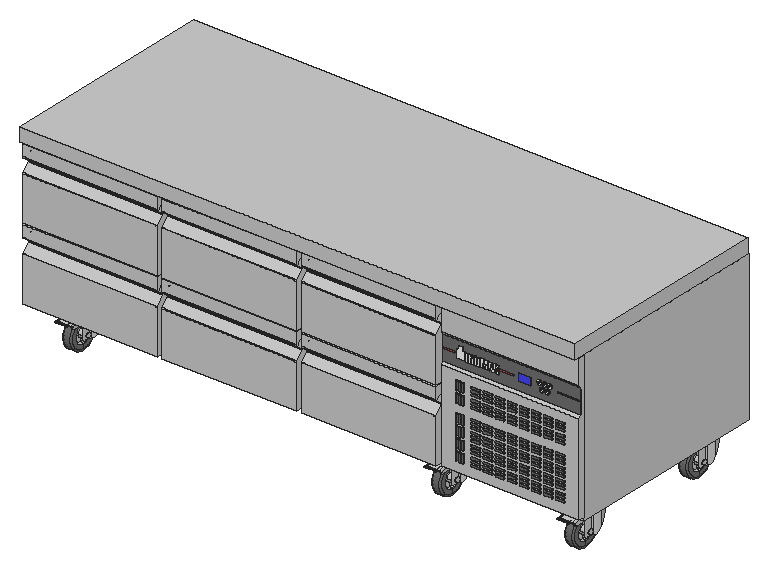
Revit family "QF_INOMAK_PWDP777_250528090058", category Specialty Equipment, Revit 2021 (continued)
Definition of nested family "QF_INOMAK_REF_COUNTERS_DOORS_DRAWERS_25485"
  Definition of nested family "Sliding_Doors"
    Reference planes
      plane 7 "Front legs": y = -690
      plane 8 "Legs top": z = 150
      plane 9 "Backsplash thickness": y = -10
      plane 10: x = 35
      plane 11: x = 1165
      plane 12 "Center Left-Right": x = 600
      plane 13: z = 154
      plane 14: z = 1046
    Forms (mm)
      Extrusion 1, solid, material <- "Finish", visible <- "Sliding doors"
        sketch origin (0, -690, 154) x (-1, 0, 0) y (0, 1, 0)
          loop
            line (-35, 10) -> (-35, 20) -> (-620, 20) -> (-620, 0) -> (-91.156, 0)
            arc (-91.156, 0) -> (-85.272, 0.885) -> (-79.91, 3.461) r 20
            line (-79.91, 3.461) -> (-60, 17) -> (-38, 17) -> (-38, 10)
            arc (-38, 10) -> (-40.05, 5.05) -> (-45, 3) r 7
            line (-45, 3) -> (-50.012, 3) -> (-50.012, 0) -> (-45, 0)
            arc (-45, 0) -> (-37.929, 2.929) -> (-35, 10) r 10
        from 0 to -892
      Extrusion 2, solid, material <- "Finish", visible <- "Sliding doors"
        sketch origin (0, -689, 154) x (-1, 0, 0) y (0, 1, 0)
          loop
            arc (-1065, 30) -> (-1062.071, 22.929) -> (-1055, 20) r 10
            line (-1055, 20) -> (-1049.988, 20) -> (-1049.988, 23) -> (-1055, 23)
            arc (-1055, 23) -> (-1059.95, 25.05) -> (-1062, 30) r 7
            line (-1062, 30) -> (-1062, 37) -> (-1040, 37) -> (-1020.09, 23.461)
            arc (-1020.09, 23.461) -> (-1014.728, 20.885) -> (-1008.844, 20) r 20
            line (-1008.844, 20) -> (-480, 20) -> (-480, 40) -> (-1065, 40) -> (-1065, 30)
        from 0 to -892
    Lines and regions (mm)
      symbolic lines, visible <- "Sliding doors"
        curve 1: line (1065, -649, 150) -> (480, -649, 150)
        curve 2: line (1065, -669, 150) -> (1065, -649, 150)
        curve 3: line (480, -669, 150) -> (1065, -669, 150)
        curve 4: line (480, -649, 150) -> (480, -669, 150)
        curve 5: line (620, -690, 150) -> (35, -690, 150)
        curve 6: line (620, -670, 150) -> (620, -690, 150)
        curve 7: line (35, -670, 150) -> (620, -670, 150)
        curve 8: line (35, -690, 150) -> (35, -670, 150)
    Dimensions and locks
      "Length Actual": plane 3 "Left" to plane 4 "Right"
      "Depth Actual": plane 5 "Front" to plane 1 "Back"
      "Height Actual": plane 6 "Top" to plane 8 "Legs top"
      "Front inset": plane 7 "Front legs" to plane 5 "Front"
      "Plinth height": plane 8 "Legs top" to plane 2
      "Rear inset": plane 9 "Backsplash thickness" to plane 1 "Back"
      "Right panel thickness": plane 11 to plane 4 "Right"
      "Left panel thickness": plane 3 "Left" to plane 10
      equal spacing: plane 10, plane 12 "Center Left-Right", plane 11
      "Top inset": plane 6 "Top" to plane 14
      "Bottom inset": plane 13 to plane 8 "Legs top"
      locked: plane 12 "Center Left-Right" to curve 4 at 120
      locked: plane 12 "Center Left-Right" to curve 5 at 20
      locked: plane 11 to curve 1 at 100
      aligned and locked: level to plane 2
      aligned and locked: Extrusion 1 sketch curve to plane 7 "Front legs"
      aligned and locked: Extrusion 1 sketch curve to plane 10
      aligned and locked: Extrusion 1 to plane 14
      aligned and locked: Extrusion 2 to plane 14
      aligned and locked: curve 8 to plane 10
    Automatic sketch dimensions
      Extrusion 2 sketch curve to Extrusion 2 sketch curve = 0 mm  (x2)
      plane 11 to Extrusion 2 sketch curve = 100 mm
      Extrusion 2 sketch curve to Extrusion 2 sketch curve = 3 mm
      Extrusion 2 sketch curve to Extrusion 2 sketch curve = 7 mm  (x2)
      Extrusion 2 sketch curve to Extrusion 2 sketch curve = 5.012 mm
      plane 7 "Front legs" to Extrusion 2 sketch curve = 38 mm
      Extrusion 2 sketch curve to Extrusion 2 sketch curve = 15 mm
      plane 7 "Front legs" to Extrusion 2 sketch curve = 24.461 mm
      Extrusion 2 sketch curve to Extrusion 2 sketch curve = 19.91 mm
      Extrusion 2 sketch curve to Extrusion 2 sketch curve = 11.246 mm
      Extrusion 2 sketch curve to plane 12 "Center Left-Right" = 120 mm
      Extrusion 2 sketch curve to Extrusion 2 sketch curve = 16.539 mm
      Extrusion 2 sketch curve to Extrusion 2 sketch curve = 20 mm
      Extrusion 1 sketch curve to Extrusion 1 sketch curve = 0 mm  (x2)
      Extrusion 1 sketch curve to plane 7 "Front legs" = 0 mm
      Extrusion 1 sketch curve to plane 10 = 3 mm
      Extrusion 1 sketch curve to Extrusion 1 sketch curve = 7 mm
      Extrusion 1 sketch curve to Extrusion 1 sketch curve = 5.012 mm
      Extrusion 1 sketch curve to Extrusion 1 sketch curve = 15 mm
      plane 7 "Front legs" to Extrusion 1 sketch curve = 3.461 mm
      Extrusion 1 sketch curve to Extrusion 1 sketch curve = 19.91 mm
      Extrusion 1 sketch curve to Extrusion 1 sketch curve = 11.246 mm
      plane 12 "Center Left-Right" to Extrusion 1 sketch curve = 20 mm
      Extrusion 1 sketch curve to Extrusion 1 sketch curve = 20 mm
      Extrusion 1 sketch curve to Extrusion 1 sketch curve = 3 mm
      curve 8 to plane 7 "Front legs" = 0 mm
      curve 5 to curve 6 = 20 mm
      plane 7 "Front legs" to curve 2 = 21 mm
      curve 2 to curve 2 = 20 mm
  Definition of nested family "4_Drawers_1-4"
    Parameters (values of type "4 Drawers 1-4")
      URL = "www.specifiglobal.com"
      Top inset [instance] = 4 mm
      Right panel thickness [instance] = 35 mm
      Rear inset [instance] = 10 mm
      Plinth height [instance] = 150 mm
      Model = ""
      Manufacturer = "DEMO CONSULTANT"
      Length Actual [instance] = 1200 mm
      Left panel thickness [instance] = 35 mm
      Height Actual [instance] = 900 mm
      Front inset [instance] = 10 mm
      Finish [instance] = none
      Doors drawers type [instance] = 7
      Description = ""
      Depth Actual [instance] = 700 mm
      Default Elevation = 0 mm
      Bottom inset [instance] = 4 mm
      Assembly Code = "E1090320"
      4 Drawers [instance] = Doors drawers type = 7  # yes
    Reference planes
      plane 1 "Back": y = 0
      plane 2: z = 0
      plane 3 "Left": x = 0
      plane 4 "Right": x = 1200
      plane 5 "Front": y = -700
      plane 6 "Top": z = 1050
      plane 7 "Front legs": y = -690
      plane 8 "Legs top": z = 150
      plane 9 "Backsplash thickness": y = -10
      plane 10 "Left panel": x = 35
      plane 11 "Right panel": x = 1165
      plane 12: z = 824.25
      plane 13: z = 1046
      plane 14: z = 826.083
      plane 15: z = 822.417
      plane 16: z = 1048.5
      plane 17: z = 375.75
      plane 18: z = 377.917
      plane 19: z = 373.583
      plane 20: z = 154
      plane 21: z = 151.5
      plane 22: z = 600
      plane 23: z = 601.833
      plane 24: z = 598.167
    Forms (mm)
      Extrusion 1, solid, material <- "Finish", visible <- "4 Drawers"
        sketch origin (35, 0, -1) x (0, -1, 0) y (0, 0, 1)
          loop
            line (680, 1047) -> (670, 1047) -> (670, 827.083) -> (690, 827.083) -> (690, 990.844)
            arc (690, 990.844) -> (689.115, 996.728) -> (686.539, 1002.09) r 20
            line (686.539, 1002.09) -> (673, 1022) -> (673, 1044) -> (680, 1044)
            arc (680, 1044) -> (684.95, 1041.95) -> (687, 1037) r 7
            line (687, 1037) -> (687, 1031.988) -> (690, 1031.988) -> (690, 1037)
            arc (690, 1037) -> (687.071, 1044.071) -> (680, 1047) r 10
        from 0 to -1130
      Extrusion 2, solid, visible <- "4 Drawers", detail levels coarse
        sketch origin (0, -640.463, 826.083) x (0, 1, 0) y (-1, 0, 0)
          loop
            line (-49.537, -35) -> (-624.537, -35) -> (-624.537, -1165) -> (-49.537, -1165) -> (-49.537, -35)
        from 0 to 219.917
      Extrusion 3, solid, visible <- "4 Drawers", detail levels coarse
        sketch origin (0, -700, 154) x (-1, 0, 0) y (0, 1, 0)
          loop
            line (-35, 10) -> (-1165, 10) -> (-1165, -565) -> (-35, -565) -> (-35, 10)
        from 0 to -219.583
      Extrusion 4, solid, material <- "Finish", visible <- "4 Drawers"
        sketch origin (35, 0, -440.333) x (0, -1, 0) y (0, 0, 1)
          loop
            line (680, 813.917) -> (670, 813.917) -> (670, 594.333) -> (690, 594.333) -> (690, 757.761)
            arc (690, 757.761) -> (689.115, 763.644) -> (686.539, 769.007) r 20
            line (686.539, 769.007) -> (673, 788.917) -> (673, 810.917) -> (680, 810.917)
            arc (680, 810.917) -> (684.95, 808.866) -> (687, 803.917) r 7
            line (687, 803.917) -> (687, 798.904) -> (690, 798.904) -> (690, 803.917)
            arc (690, 803.917) -> (687.071, 810.988) -> (680, 813.917) r 10
        from 0 to -1130
      Extrusion 5, solid, material <- "Finish", visible <- "4 Drawers"
        sketch origin (35, 0, -165.333) x (0, -1, 0) y (0, 0, 1)
          loop
            line (680, 987.75) -> (670, 987.75) -> (670, 767.167) -> (690, 767.167) -> (690, 931.594)
            arc (690, 931.594) -> (689.115, 937.478) -> (686.539, 942.84) r 20
            line (686.539, 942.84) -> (673, 962.75) -> (673, 984.75) -> (680, 984.75)
            arc (680, 984.75) -> (684.95, 982.7) -> (687, 977.75) r 7
            line (687, 977.75) -> (687, 972.738) -> (690, 972.738) -> (690, 977.75)
            arc (690, 977.75) -> (687.071, 984.821) -> (680, 987.75) r 10
        from 0 to -1130
      Extrusion 6, solid, material <- "Finish", visible <- "4 Drawers"
        sketch origin (35, 0, -330.333) x (0, -1, 0) y (0, 0, 1)
          loop
            line (680, 928.5) -> (670, 928.5) -> (670, 708.25) -> (690, 708.25) -> (690, 872.344)
            arc (690, 872.344) -> (689.115, 878.228) -> (686.539, 883.59) r 20
            line (686.539, 883.59) -> (673, 903.5) -> (673, 925.5) -> (680, 925.5)
            arc (680, 925.5) -> (684.95, 923.45) -> (687, 918.5) r 7
            line (687, 918.5) -> (687, 913.488) -> (690, 913.488) -> (690, 918.5)
            arc (690, 918.5) -> (687.071, 925.571) -> (680, 928.5) r 10
        from 0 to -1130
      Extrusion 7, solid, visible <- "4 Drawers", detail levels coarse
        sketch origin (0, -500.463, 601.833) x (0, 1, 0) y (-1, 0, 0)
          loop
            line (-189.537, -35) -> (-764.537, -35) -> (-764.537, -1165) -> (-189.537, -1165) -> (-189.537, -35)
        from 0 to 220.583
      Extrusion 8, solid, visible <- "4 Drawers", detail levels coarse
        sketch origin (0, -540.463, 377.917) x (0, 1, 0) y (-1, 0, 0)
          loop
            line (-149.537, -35) -> (-724.537, -35) -> (-724.537, -1165) -> (-149.537, -1165) -> (-149.537, -35)
        from 0 to 220.25
    Lines and regions (mm)
      symbolic lines, visible <- "4 Drawers"
        curve 1: line (35, -945, 900) -> (35, -985, 900)
        curve 2: line (35, -985, 900) -> (1165, -985, 900)
        curve 3: line (1165, -985, 900) -> (1165, -945, 900)
        curve 4: line (1165, -945, 900) -> (35, -945, 900)
        curve 5: line (1135, -945, 900) -> (1135, -845, 900)
        curve 6: line (65, -945, 900) -> (65, -845, 900)
        curve 7: line (35, -1085, 900) -> (35, -1125, 900)
        curve 8: line (35, -1125, 900) -> (1165, -1125, 900)
        curve 9: line (1165, -1125, 900) -> (1165, -1085, 900)
        curve 10: line (1165, -1085, 900) -> (35, -1085, 900)
        curve 11: line (1135, -1085, 900) -> (1135, -985, 900)
        curve 12: line (65, -1085, 900) -> (65, -985, 900)
        curve 13: line (35, -1225, 900) -> (35, -1265, 900)
        curve 14: line (35, -1265, 900) -> (1165, -1265, 900)
        curve 15: line (1165, -1265, 900) -> (1165, -1225, 900)
        curve 16: line (1165, -1225, 900) -> (35, -1225, 900)
        curve 17: line (1135, -1225, 900) -> (1135, -1125, 900)
        curve 18: line (65, -1225, 900) -> (65, -1125, 900)
        curve 19: line (35, -805, 900) -> (35, -845, 900)
        curve 20: line (35, -845, 900) -> (1165, -845, 900)
        curve 21: line (1165, -845, 900) -> (1165, -805, 900)
        curve 22: line (1165, -805, 900) -> (35, -805, 900)
        curve 23: line (65, -805, 900) -> (65, -700, 900)
        curve 24: line (1135, -805, 900) -> (1135, -700, 900)
    Dimensions and locks
      "Length Actual": plane 3 "Left" to plane 4 "Right"
      "Depth Actual": plane 5 "Front" to plane 1 "Back"
      "Height Actual": plane 6 "Top" to plane 8 "Legs top"
      "Front inset": plane 7 "Front legs" to plane 5 "Front"
      "Plinth height": plane 8 "Legs top" to plane 2
      "Rear inset": plane 9 "Backsplash thickness" to plane 1 "Back"
      "Right panel thickness": plane 11 "Right panel" to plane 4 "Right"
      "Left panel thickness": plane 3 "Left" to plane 10 "Left panel"
      locked: plane 14 to plane 15 at 3.667
      equal spacing: plane 14, plane 12, plane 15
      locked: plane 23 to plane 24 at 3.667
      equal spacing: plane 23, plane 22, plane 24
      "Bottom inset": plane 20 to plane 8 "Legs top"
      equal spacing: plane 19, plane 17, plane 18
      locked: plane 19 to plane 18 at 4.333
      equal spacing: plane 21, plane 17, plane 22, plane 12, plane 16
      locked: plane 13 to plane 16 at 2.5
      "Top inset": plane 13 to plane 6 "Top"
      locked: plane 21 to plane 20 at 2.5
      aligned and locked: level to plane 2
      aligned and locked: plane 7 "Front legs" to Extrusion 1 sketch curve  (x2)
      aligned and locked: Extrusion 1 to plane 11 "Right panel"
      aligned and locked: Extrusion 1 sketch curve to plane 13
      aligned and locked: Extrusion 1 sketch curve to plane 14
      aligned and locked: plane 10 "Left panel" to curve 1
      aligned and locked: plane 10 "Left panel" to curve 7
      aligned and locked: plane 10 "Left panel" to curve 13
      aligned and locked: Extrusion 2 sketch curve to plane 10 "Left panel"
      aligned and locked: plane 11 "Right panel" to Extrusion 2 sketch curve
      aligned and locked: Extrusion 3 sketch curve to plane 10 "Left panel"
      aligned and locked: plane 11 "Right panel" to Extrusion 3 sketch curve
      aligned and locked: Extrusion 2 to plane 13
      aligned and locked: Extrusion 3 to plane 19
      aligned and locked: plane 20 to Extrusion 4 sketch curve
      aligned and locked: Extrusion 4 to plane 11 "Right panel"
      aligned and locked: Extrusion 5 sketch curve to plane 15
      aligned and locked: plane 7 "Front legs" to Extrusion 5 sketch curve
      aligned and locked: Extrusion 5 sketch curve to plane 23
      aligned and locked: Extrusion 6 sketch curve to plane 24
      aligned and locked: plane 7 "Front legs" to Extrusion 6 sketch curve
      aligned and locked: Extrusion 6 sketch curve to plane 18
      aligned and locked: Extrusion 7 to plane 15
      aligned and locked: Extrusion 8 to plane 24
      aligned and locked: Extrusion 5 to plane 11 "Right panel"
      aligned and locked: Extrusion 6 to plane 11 "Right panel"
    Automatic sketch dimensions
      Extrusion 1 sketch curve to Extrusion 1 sketch curve = 0 mm  (x2)
      plane 7 "Front legs" to Extrusion 1 sketch curve = 3 mm
      plane 7 "Front legs" to Extrusion 1 sketch curve = 3.461 mm
      plane 7 "Front legs" to Extrusion 1 sketch curve = 10 mm
      Extrusion 1 sketch curve to Extrusion 1 sketch curve = 7 mm
      plane 7 "Front legs" to Extrusion 1 sketch curve = 20 mm  (x2)
      Extrusion 1 sketch curve to Extrusion 1 sketch curve = 46.156 mm
      Extrusion 1 sketch curve to Extrusion 1 sketch curve = 15 mm
      Extrusion 1 sketch curve to Extrusion 1 sketch curve = 5.012 mm
      Extrusion 2 sketch curve to plane 7 "Front legs" = 0 mm
      Extrusion 2 sketch curve to plane 5 "Front" = 565 mm
      Extrusion 3 sketch curve to plane 7 "Front legs" = 0 mm
      Extrusion 3 sketch curve to plane 5 "Front" = 565 mm
      Extrusion 5 sketch curve to Extrusion 5 sketch curve = 0 mm  (x2)
      Extrusion 5 sketch curve to plane 7 "Front legs" = 0 mm
      plane 7 "Front legs" to Extrusion 5 sketch curve = 3 mm
      plane 7 "Front legs" to Extrusion 5 sketch curve = 3.461 mm
      plane 7 "Front legs" to Extrusion 5 sketch curve = 10 mm
      Extrusion 5 sketch curve to Extrusion 5 sketch curve = 7 mm
      plane 7 "Front legs" to Extrusion 5 sketch curve = 20 mm  (x2)
      Extrusion 5 sketch curve to Extrusion 5 sketch curve = 46.156 mm
      Extrusion 5 sketch curve to Extrusion 5 sketch curve = 15 mm
      Extrusion 5 sketch curve to Extrusion 5 sketch curve = 5.012 mm
      Extrusion 6 sketch curve to Extrusion 6 sketch curve = 0 mm  (x2)
      Extrusion 6 sketch curve to plane 7 "Front legs" = 0 mm
      plane 7 "Front legs" to Extrusion 6 sketch curve = 3 mm
      plane 7 "Front legs" to Extrusion 6 sketch curve = 3.461 mm
      plane 7 "Front legs" to Extrusion 6 sketch curve = 10 mm
      Extrusion 6 sketch curve to Extrusion 6 sketch curve = 7 mm
      plane 7 "Front legs" to Extrusion 6 sketch curve = 20 mm  (x2)
      Extrusion 6 sketch curve to Extrusion 6 sketch curve = 46.156 mm
      Extrusion 6 sketch curve to Extrusion 6 sketch curve = 15 mm
      Extrusion 6 sketch curve to Extrusion 6 sketch curve = 5.012 mm
      curve 14 to plane 11 "Right panel" = 0 mm
      curve 8 to plane 11 "Right panel" = 0 mm
      curve 2 to plane 11 "Right panel" = 0 mm
      curve 21 to plane 11 "Right panel" = 0 mm
      curve 20 to plane 10 "Left panel" = 0 mm
      curve 23 to plane 5 "Front" = 0 mm
      curve 24 to plane 5 "Front" = 0 mm
      curve 21 to plane 5 "Front" = 105 mm
      curve 20 to curve 21 = 40 mm
      curve 3 to curve 20 = 100 mm
      curve 3 to curve 3 = 40 mm
      curve 10 to curve 1 = 100 mm
      curve 9 to curve 9 = 40 mm
      curve 15 to curve 8 = 100 mm
      curve 15 to curve 15 = 40 mm
      plane 11 "Right panel" to curve 24 = 30 mm
      curve 8 to curve 17 = 30 mm
      curve 11 to curve 17 = 0 mm
      curve 23 to plane 10 "Left panel" = 30 mm
      curve 12 to curve 6 = 0 mm
      curve 18 to curve 12 = 0 mm
      Extrusion 4 sketch curve to Extrusion 4 sketch curve = 0 mm  (x2)
      plane 19 to Extrusion 4 sketch curve = 0 mm
      Extrusion 4 sketch curve to plane 7 "Front legs" = 0 mm  (x2)
      plane 7 "Front legs" to Extrusion 4 sketch curve = 3 mm
      plane 7 "Front legs" to Extrusion 4 sketch curve = 3.461 mm
      plane 7 "Front legs" to Extrusion 4 sketch curve = 10 mm
      Extrusion 4 sketch curve to Extrusion 4 sketch curve = 7 mm
      plane 7 "Front legs" to Extrusion 4 sketch curve = 20 mm  (x2)
      Extrusion 4 sketch curve to Extrusion 4 sketch curve = 46.156 mm
      Extrusion 4 sketch curve to Extrusion 4 sketch curve = 15 mm
      Extrusion 4 sketch curve to Extrusion 4 sketch curve = 5.012 mm
      Extrusion 7 sketch curve to plane 10 "Left panel" = 0 mm
      Extrusion 7 sketch curve to plane 11 "Right panel" = 0 mm
      Extrusion 7 sketch curve to plane 7 "Front legs" = 0 mm
      Extrusion 7 sketch curve to plane 5 "Front" = 565 mm
      Extrusion 8 sketch curve to plane 10 "Left panel" = 0 mm
      Extrusion 8 sketch curve to plane 11 "Right panel" = 0 mm
      Extrusion 8 sketch curve to plane 7 "Front legs" = 0 mm
      Extrusion 8 sketch curve to plane 5 "Front" = 565 mm
      curve 6 to plane 10 "Left panel" = 30 mm
      curve 5 to curve 24 = 0 mm
  Definition of nested family "Hinged_Doors"
    Parameters (values of type "Hinged doors")
      URL = "www.specifiglobal.com"
      Top inset [instance] = 4 mm
      Right panel thickness [instance] = 35 mm
      Rear inset [instance] = 10 mm
      Plinth height [instance] = 150 mm
      Model = ""
      Manufacturer = "DEMO CONSULTANT"
      Length Actual [instance] = 1200 mm
      Left panel thickness [instance] = 35 mm
      Hinged doors [instance] = Doors drawers type = 3  # yes
      Height Actual [instance] = 900 mm
      Front inset [instance] = 10 mm
      Finish [instance] = none
      Doors drawers type [instance] = 3
      Description = ""
      Depth Actual [instance] = 700 mm
      Default Elevation = 0 mm
      Bottom inset [instance] = 4 mm
      Assembly Code = "E1090320"
    Reference planes
      plane 1 "Back": y = 0
      plane 2: z = 0
      plane 3 "Left": x = 0
      plane 4 "Right": x = 1200
      plane 5 "Front": y = -700
      plane 6 "Top": z = 1050
      plane 7 "Front legs": y = -690
      plane 8 "Legs top": z = 150
      plane 9 "Backsplash thickness": y = -10
      plane 10: x = 35
      plane 11: x = 1165
      plane 12 "Center Left-Right": x = 600
      plane 13: x = 597.5
      plane 14: x = 602.5
      plane 15: z = 154
      plane 16: z = 1046
    Forms (mm)
      Extrusion 1, solid, material <- "Finish", visible <- "Hinged doors"
        sketch origin (35, -2307.849, 4000) x (0, -1, 0) y (0, 0, 1)
          loop
            line (-1627.849, -2954) -> (-1637.849, -2954) -> (-1637.849, -3846) -> (-1617.849, -3846) -> (-1617.849, -3010.156)
            arc (-1617.849, -3010.156) -> (-1618.734, -3004.272) -> (-1621.31, -2998.91) r 20
            line (-1621.31, -2998.91) -> (-1634.849, -2979) -> (-1634.849, -2957) -> (-1627.849, -2957)
            arc (-1627.849, -2957) -> (-1622.899, -2959.05) -> (-1620.849, -2964) r 7
            line (-1620.849, -2964) -> (-1620.849, -2969.012) -> (-1617.849, -2969.012) -> (-1617.849, -2964)
            arc (-1617.849, -2964) -> (-1620.778, -2956.929) -> (-1627.849, -2954) r 10
        from 0 to -562.5
      Extrusion 2, solid, visible <- "Hinged doors", detail levels coarse
        sketch origin (0, -700, 154) x (-1, 0, 0) y (0, 1, 0)
          loop
            line (-35, 10) -> (-597.5, 10)
            arc (-597.5, 10) -> (-432.748, -387.748) -> (-35, -552.5) r 562.5
            line (-35, -552.5) -> (-35, 10)
        from 0 to -892
      Extrusion 3, solid, material <- "Finish", visible <- "Hinged doors"
        sketch origin (1165, -2312.576, 4000) x (0, -1, 0) y (0, 0, 1)
          loop
            line (-1632.576, -2954) -> (-1642.576, -2954) -> (-1642.576, -3846) -> (-1622.576, -3846) -> (-1622.576, -3010.156)
            arc (-1622.576, -3010.156) -> (-1623.46, -3004.272) -> (-1626.037, -2998.91) r 20
            line (-1626.037, -2998.91) -> (-1639.576, -2979) -> (-1639.576, -2957) -> (-1632.576, -2957)
            arc (-1632.576, -2957) -> (-1627.626, -2959.05) -> (-1625.576, -2964) r 7
            line (-1625.576, -2964) -> (-1625.576, -2969.012) -> (-1622.576, -2969.012) -> (-1622.576, -2964)
            arc (-1622.576, -2964) -> (-1625.504, -2956.929) -> (-1632.576, -2954) r 10
        from 0 to 562.5
      Extrusion 4, solid, visible <- "Hinged doors", detail levels coarse
        sketch origin (0, -700, 154) x (-1, 0, 0) y (0, 1, 0)
          loop
            line (-1165, 10) -> (-1165, -552.5)
            arc (-1165, -552.5) -> (-767.252, -387.748) -> (-602.5, 10) r 562.5
            line (-602.5, 10) -> (-1165, 10)
        from 0 to -892
    Lines and regions (mm)
      symbolic lines, visible <- "Hinged doors"
        curve 1: line (35, -700, 150) -> (35, -1252.5, 150)
        curve 2: arc (35, -1252.5, 150) -> (429.196, -1091.268, 150) -> (597.411, -700, 150) r 562.5
        curve 3: arc (602.589, -700, 150) -> (770.804, -1091.268, 150) -> (1165, -1252.5, 150) r 562.5
        curve 4: line (1165, -1252.5, 150) -> (1165, -700, 150)
    Dimensions and locks
      "Length Actual": plane 3 "Left" to plane 4 "Right"
      "Depth Actual": plane 5 "Front" to plane 1 "Back"
      "Height Actual": plane 6 "Top" to plane 8 "Legs top"
      "Front inset": plane 7 "Front legs" to plane 5 "Front"
      "Plinth height": plane 8 "Legs top" to plane 2
      "Rear inset": plane 9 "Backsplash thickness" to plane 1 "Back"
      "Right panel thickness": plane 11 to plane 4 "Right"
      "Left panel thickness": plane 3 "Left" to plane 10
      equal spacing: plane 10, plane 12 "Center Left-Right", plane 11
      plane 13 to plane 12 "Center Left-Right" = 2.5 mm
      plane 12 "Center Left-Right" to plane 14 = 2.5 mm
      "Bottom inset": plane 15 to plane 8 "Legs top"
      "Top inset": plane 16 to plane 6 "Top"
      aligned and locked: level to plane 2
      aligned and locked: Extrusion 1 to plane 13
      aligned and locked: plane 10 to Extrusion 2 sketch curve
      aligned and locked: plane 13 to Extrusion 2 sketch curve
      aligned and locked: plane 7 "Front legs" to Extrusion 2 sketch curve  (x2)
      aligned and locked: plane 14 to Extrusion 3
      aligned and locked: Extrusion 2 to curve 1
      aligned and locked: curve 2 to Extrusion 2
      aligned and locked: curve 3 to Extrusion 4
      aligned and locked: curve 4 to Extrusion 4
      aligned and locked: plane 5 "Front" to curve 1
      aligned and locked: plane 5 "Front" to curve 2
      aligned and locked: plane 5 "Front" to curve 3
      aligned and locked: plane 5 "Front" to curve 4
      aligned and locked: Extrusion 4 to plane 16
      aligned and locked: Extrusion 2 to plane 16
      aligned and locked: Extrusion 1 sketch curve to plane 16
      aligned and locked: Extrusion 1 sketch curve to plane 15
      aligned and locked: Extrusion 3 sketch curve to plane 15
      aligned and locked: Extrusion 3 sketch curve to plane 16
    Automatic sketch dimensions
      Extrusion 1 sketch curve to Extrusion 1 sketch curve = 0 mm  (x2)
      Extrusion 1 sketch curve to plane 7 "Front legs" = 0 mm  (x2)
      plane 7 "Front legs" to Extrusion 1 sketch curve = 3 mm
      plane 7 "Front legs" to Extrusion 1 sketch curve = 3.461 mm
      plane 7 "Front legs" to Extrusion 1 sketch curve = 10 mm
      Extrusion 1 sketch curve to Extrusion 1 sketch curve = 7 mm
      plane 7 "Front legs" to Extrusion 1 sketch curve = 20 mm  (x2)
      Extrusion 1 sketch curve to Extrusion 1 sketch curve = 46.156 mm
      Extrusion 1 sketch curve to Extrusion 1 sketch curve = 15 mm
      Extrusion 1 sketch curve to Extrusion 1 sketch curve = 5.012 mm
      Extrusion 3 sketch curve to Extrusion 3 sketch curve = 0 mm  (x2)
      Extrusion 3 sketch curve to plane 7 "Front legs" = 0 mm  (x2)
      Extrusion 3 sketch curve to Extrusion 3 sketch curve = 3 mm
      plane 7 "Front legs" to Extrusion 3 sketch curve = 3.461 mm
      plane 7 "Front legs" to Extrusion 3 sketch curve = 10 mm
      Extrusion 3 sketch curve to Extrusion 3 sketch curve = 7 mm
      Extrusion 3 sketch curve to Extrusion 3 sketch curve = 16.539 mm
      Extrusion 3 sketch curve to Extrusion 3 sketch curve = 20 mm
      Extrusion 3 sketch curve to Extrusion 3 sketch curve = 46.156 mm
      Extrusion 3 sketch curve to Extrusion 3 sketch curve = 15 mm
      Extrusion 3 sketch curve to Extrusion 3 sketch curve = 5.012 mm
      Extrusion 4 sketch curve to plane 11 = 0 mm
      Extrusion 4 sketch curve to plane 7 "Front legs" = 0 mm
      Extrusion 4 sketch curve to plane 14 = 0 mm
  Definition of nested family "Hopper"
    Parameters (values of type "Hopper")
      URL = "www.specifiglobal.com"
      Top inset [instance] = 4 mm
      Right panel thickness [instance] = 35 mm
      Rear inset [instance] = 10 mm
      Plinth height [instance] = 150 mm
      Model = ""
      Manufacturer = "DEMO CONSULTANT"
      Length Actual [instance] = 700 mm
      Left panel thickness [instance] = 35 mm
      Hopper [instance] = Doors drawers type = 10  # yes
      Height Actual [instance] = 900 mm
      Front inset [instance] = 10 mm
      Finish [instance] = none
      Doors drawers type [instance] = 10
      Description = ""
      Depth Actual [instance] = 700 mm
      Default Elevation = 0 mm
      Bottom inset [instance] = 4 mm
      Assembly Code = "E1090320"
      2 Drawers = yes
    Reference planes
      plane 1 "Back": y = 0
      plane 2: z = 0
      plane 3 "Left": x = 0
      plane 4 "Right": x = 700
      plane 5 "Front": y = -700
      plane 6 "Top": z = 1050
      plane 7 "Front legs": y = -690
      plane 8 "Legs top": z = 150
      plane 9 "Backsplash thickness": y = -10
      plane 10 "Left panel": x = 35
      plane 11 "Right panel": x = 665
      plane 12: z = 1046
      plane 13: z = 154
    Forms (mm)
      Extrusion 1, solid, material <- "Finish", visible <- "Hopper"
        sketch origin (35, 0, 0) x (0, -1, 0) y (0, 0, 1)
          loop
            line (690, 154) -> (690, 960.365)
            arc (690, 960.365) -> (689.866, 961.037) -> (689.485, 961.607) r 1.757
            line (689.485, 961.607) -> (666.663, 984.429)
            arc (666.663, 984.429) -> (665.976, 985.458) -> (665.734, 986.672) r 3.172
            line (665.734, 986.672) -> (665.734, 1013.576)
            arc (665.734, 1013.576) -> (666.433, 1015.262) -> (668.119, 1015.961) r 2.385
            line (668.119, 1015.961) -> (680.029, 1015.961) -> (686.544, 1006.657)
            arc (686.544, 1006.657) -> (688.671, 1005.935) -> (690, 1007.747) r 1.9
            line (690, 1007.747) -> (690, 1046) -> (648, 1046) -> (648, 154) -> (690, 154)
        from 0 to -630
      Extrusion 2, solid, visible <- "Hopper", detail levels coarse
        sketch origin (35, 0, 0) x (0, -1, 0) y (0, 0, 1)
          loop
            line (690, 154) -> (1265, 154) -> (1265, 1046) -> (690, 1046) -> (690, 154)
        from 0 to -630
    Lines and regions (mm)
      symbolic lines, visible <- "Hopper"
        curve 1: line (35, -1225, 900) -> (35, -1265, 900)
        curve 2: line (35, -1265, 900) -> (665, -1265, 900)
        curve 3: line (665, -1265, 900) -> (665, -1225, 900)
        curve 4: line (665, -1225, 900) -> (35, -1225, 900)
        curve 5: line (635, -1225, 900) -> (635, -700, 900)
        curve 6: line (65, -1225, 900) -> (65, -700, 900)
    Dimensions and locks
      "Length Actual": plane 3 "Left" to plane 4 "Right"
      "Depth Actual": plane 5 "Front" to plane 1 "Back"
      "Height Actual": plane 6 "Top" to plane 8 "Legs top"
      "Front inset": plane 7 "Front legs" to plane 5 "Front"
      "Plinth height": plane 8 "Legs top" to plane 2
      "Rear inset": plane 9 "Backsplash thickness" to plane 1 "Back"
      "Right panel thickness": plane 11 "Right panel" to plane 4 "Right"
      "Left panel thickness": plane 3 "Left" to plane 10 "Left panel"
      "Top inset": plane 12 to plane 6 "Top"
      "Bottom inset": plane 13 to plane 8 "Legs top"
      aligned and locked: level to plane 2
      aligned and locked: Extrusion 1 to plane 11 "Right panel"
      aligned and locked: Extrusion 2 to plane 11 "Right panel"
      aligned and locked: plane 10 "Left panel" to Extrusion 2
      aligned and locked: Extrusion 1 sketch curve to plane 12
      aligned and locked: Extrusion 1 sketch curve to Extrusion 2
      aligned and locked: Extrusion 1 sketch curve to plane 13
    Automatic sketch dimensions
      Extrusion 1 sketch curve to Extrusion 1 sketch curve = 17.734 mm
      Extrusion 1 sketch curve to Extrusion 1 sketch curve = 0.929 mm
      Extrusion 1 sketch curve to Extrusion 1 sketch curve = 2.385 mm
      Extrusion 1 sketch curve to Extrusion 1 sketch curve = 3.172 mm
      Extrusion 1 sketch curve to Extrusion 1 sketch curve = 11.91 mm
      Extrusion 1 sketch curve to Extrusion 1 sketch curve = 6.515 mm
      Extrusion 1 sketch curve to Extrusion 1 sketch curve = 1.556 mm
      Extrusion 1 sketch curve to Extrusion 1 sketch curve = 21.58 mm
      Extrusion 1 sketch curve to Extrusion 1 sketch curve = 1.242 mm
      Extrusion 1 sketch curve to Extrusion 1 sketch curve = 1.9 mm
      Extrusion 1 sketch curve to Extrusion 1 sketch curve = 0.515 mm
      Extrusion 1 sketch curve to Extrusion 1 sketch curve = 22.822 mm
      Extrusion 1 sketch curve to Extrusion 1 sketch curve = 19.985 mm
      Extrusion 1 sketch curve to Extrusion 1 sketch curve = 6.919 mm
      Extrusion 1 sketch curve to Extrusion 1 sketch curve = 30.039 mm
      Extrusion 2 sketch curve to plane 7 "Front legs" = 0 mm
      plane 13 to Extrusion 2 sketch curve = 0 mm
      plane 12 to Extrusion 2 sketch curve = 0 mm
      Extrusion 2 sketch curve to plane 5 "Front" = 565 mm
      curve 1 to plane 10 "Left panel" = 0 mm
      curve 2 to plane 11 "Right panel" = 0 mm
      curve 6 to plane 5 "Front" = 0 mm
      curve 5 to plane 5 "Front" = 0 mm
      curve 4 to plane 5 "Front" = 525 mm
      curve 3 to curve 3 = 40 mm
      plane 11 "Right panel" to curve 5 = 30 mm
      curve 6 to plane 10 "Left panel" = 30 mm
Definition of nested family "QF_INOMAK_REF_COUNTERS_WORKTOPS_34956"
  Parameters (values of type "WTWA-1545-700")
    Worktop without backsplash [instance] = Worktop type = 3  # no
    Worktop with backsplash [instance] = Worktop type = 2  # yes
    Worktop type [instance] = 2
    Worktop thickness [instance] = 46 mm
    Without worktop [instance] = or(Worktop type > 3, Worktop type < 2)  # no
    Weight [instance] = 0.00 kg
    Warranty Start Date [instance] = ""
    Warranty Duration [instance] = ""
    URL Cutsheet [instance] = ""
    URL = "www.inomak.com"
    Technical Documentation [instance] = ""
    Tag Number [instance] = ""
    Status [instance] = ""
    Specification by User [instance] = ""
    Specification by Manufacturer [instance] = ""
    Sound Level [instance] = ""
    Solid Fuel Type [instance] = ""
    Show Logo [instance] = yes
    Show Clearances [instance] = yes
    Service Life Duration [instance] = ""
    Serial Number [instance] = ""
    Seismic Rating [instance] = ""
    SMACNA No [instance] = ""
    Revision Code [instance] = ""
    Revision [instance] = ""
    Production Year [instance] = ""
    Point Load [instance] = 0
    Other Equipment Approvals [instance] = ""
    NAFEM Spec ID Number [instance] = ""
    Model Warning [instance] = ""
    Model = "WTWA"
    Masterspec [instance] = ""
    Manufacturer = "INOMAK"
    Length Actual [instance] = 1546 mm
    Item Number [instance] = ""
    Installed By [instance] = ""
    Installation Date [instance] = ""
    Identify Quantity as Lot [instance] = yes
    ID [instance] = ""
    Hygiene Approval [instance] = ""
    Height Actual [instance] = 0 mm
    Height AFF [instance] = 0 mm
    Furnished By [instance] = ""
    Foodservice Equipment Identifier [instance] = yes
    Finish [instance] = none
    ETL Approved [instance] = yes
    Description = "WORKTOP WITH UPSTAND"
    Depth Actual [instance] = 700 mm
    Default Elevation = 0 mm
    CSI MasterFormat [instance] = ""
    CE Approved [instance] = yes
    Barcode [instance] = ""
    Backsplash thickness [instance] = 20 mm
    Backsplash height [instance] = 60 mm
    Author [instance] = ""
    Asset Identifier [instance] = ""
    Assembly Code = "E1090320"
    Accessory [instance] = yes
  Types (40, lengths in mm): name | Worktop without backsplash | Worktop with backsplash | Worktop type | Worktop thickness | Without worktop | Model | Length Actual | Description | Depth Actual
    WTWT-2240-700 | yes | no | 3 | 46 | no | "WTWT" | 2242 | "STANDARD WORKTOP" | 700
    WTWA-2240-700 | no | yes | 2 | 46 | no | "WTWA" | 2242 | "WORKTOP WITH UPSTAND" | 700
    WOWT-2240-700 | no | no | 1 | 46 | yes | "WOWT" | 2242 | "WITHOUT WORKTOP" | 700
    WTWA-1790-700 | no | yes | 2 | 46 | no | "WTWA" | 1792 | "WORKTOP WITH UPSTAND" | 700
    WTWA-1345-700 | no | yes | 2 | 46 | no | "WTWA" | 1342 | "WORKTOP WITH UPSTAND" | 700
    WOWT-1790-700 | no | no | 1 | 46 | yes | "WOWT" | 1792 | "WITHOUT WORKTOP" | 700
    WOWT-1345-700 | no | no | 1 | 46 | yes | "WOWT" | 1342 | "WITHOUT WORKTOP" | 700
    WTWT-1790-700 | yes | no | 3 | 46 | no | "WTWT" | 1792 | "STANDARD WORKTOP" | 700
    WTWT-1345-700 | yes | no | 3 | 46 | no | "WTWT" | 1342 | "STANDARD WORKTOP" | 700
    WTWA-1080-700 | no | yes | 2 | 46 | no | "WTWA" | 1080 | "WORKTOP WITH UPSTAND" | 700
    WTWT-1080-700 | yes | no | 3 | 46 | no | "WTWT" | 1080 | "STANDARD WORKTOP" | 700
    WTWA-1080-700-80 | no | yes | 2 | 80 | no | "WTWA-80" | 1080 | "WORKTOP WITH UPSTAND, 80CM DEEP WORKTOP" | 700
    WTWT-1080-700-80 | yes | no | 3 | 80 | no | "WTWT-80" | 1080 | "WORKTOP WITH 80CM DEEP" | 700
    WOWT-1345-600 | no | no | 1 | 46 | yes | "WOWT" | 1342 | "WITHOUT WORKTOP" | 600
    WOWT-1790-600 | no | no | 1 | 46 | yes | "WOWT" | 1792 | "WITHOUT WORKTOP" | 600
    WOWT-2240-600 | no | no | 1 | 46 | yes | "WOWT" | 2242 | "WITHOUT WORKTOP" | 600
    WTWA-1345-600 | no | yes | 2 | 46 | no | "WTWA" | 1342 | "WORKTOP WITH UPSTAND" | 600
    WTWA-1790-600 | no | yes | 2 | 46 | no | "WTWA" | 1792 | "WORKTOP WITH UPSTAND" | 600
    WTWA-2240-600 | no | yes | 2 | 46 | no | "WTWA" | 2242 | "WORKTOP WITH UPSTAND" | 600
    WTWT-1345-600 | yes | no | 3 | 46 | no | "WTWT" | 1342 | "STANDARD WORKTOP" | 600
    WTWT-1790-600 | yes | no | 3 | 46 | no | "WTWT" | 1792 | "STANDARD WORKTOP" | 600
    WTWT-2240-600 | yes | no | 3 | 46 | no | "WTWT" | 2242 | "STANDARD WORKTOP" | 600
    WOWT-1105-700 | no | no | 1 | 46 | yes | "WOWT" | 1103 | "WITHOUT WORKTOP" | 700
    WTWA-1105-700 | no | yes | 2 | 46 | no | "WTWA" | 1103 | "WORKTOP WITH UPSTAND" | 700
    WTWT-1105-700 | yes | no | 3 | 46 | no | "WTWT" | 1103 | "STANDARD WORKTOP" | 700
    WOWT-1545-700 | no | no | 1 | 46 | yes | "WOWT" | 1546 | "WITHOUT WORKTOP" | 700
    WOWT-1995-700 | no | no | 1 | 46 | yes | "WOWT" | 1996 | "WITHOUT WORKTOP" | 700
    WTWA-1545-700 | no | yes | 2 | 46 | no | "WTWA" | 1546 | "WORKTOP WITH UPSTAND" | 700
    WTWA-1995-700 | no | yes | 2 | 46 | no | "WTWA" | 1996 | "WORKTOP WITH UPSTAND" | 700
    WTWT-1545-700 | yes | no | 3 | 46 | no | "WTWT" | 1546 | "STANDARD WORKTOP" | 700
    WTWT-1995-700 | yes | no | 3 | 46 | no | "WTWT" | 1996 | "STANDARD WORKTOP" | 700
    WTWA-1105-600 | no | yes | 2 | 46 | no | "WTWA" | 1103 | "WORKTOP WITH UPSTAND" | 600
    WTWT-1105-600 | yes | no | 3 | 46 | no | "WTWT" | 1103 | "STANDARD WORKTOP" | 600
    WOWT-1105-600 | no | no | 1 | 46 | yes | "WOWT" | 1103 | "WITHOUT WORKTOP" | 600
    WOWT-1545-600 | no | no | 1 | 46 | yes | "WOWT" | 1546 | "WITHOUT WORKTOP" | 600
    WTWA-1545-600 | no | yes | 2 | 46 | no | "WTWA" | 1546 | "WORKTOP WITH UPSTAND" | 600
    WTWT-1545-600 | yes | no | 3 | 46 | no | "WTWT" | 1546 | "STANDARD WORKTOP" | 600
    WTWT-1995-600 | yes | no | 3 | 46 | no | "WTWT" | 1996 | "STANDARD WORKTOP" | 600
    WTWA-1995-600 | no | yes | 2 | 46 | no | "WTWA" | 1996 | "WORKTOP WITH UPSTAND" | 600
    WOWT-1995-600 | no | no | 1 | 46 | yes | "WOWT" | 1996 | "WITHOUT WORKTOP" | 600
  Reference planes
    plane 1 "Back": y = 0
    plane 2: z = 0
    plane 3 "Left": x = 0
    plane 4 "Right": x = 1546
    plane 5 "Front": y = -700
    plane 6 "Top": z = 46
    plane 7 "Backsplash thickness": y = -20
    plane 8 "Worktop bottom": z = 0
    plane 9 "Upright height": z = 106
    plane 10 "Center Left Right": x = 773
  Lines and regions (mm)
    reference lines
      curve 1: line (773, 0, 106) -> (773, -20, 106)
      curve 2: line (0, -700, 46) -> (1546, -700, 46)
      curve 3: line (1546, -700, 46) -> (1546, 0, 46)
      curve 4: line (0, -700, 46) -> (0, 0, 46)
      curve 5: line (0, 0, 46) -> (1546, 0, 46)
      curve 6: line (773, 0, 0) -> (773, -700, 0)
  Dimensions and locks
    "Length Actual": plane 3 "Left" to plane 4 "Right"
    "Depth Actual": plane 5 "Front" to plane 1 "Back"
    "Backsplash thickness": plane 7 "Backsplash thickness" to plane 1 "Back"
    "Worktop thickness": plane 6 "Top" to plane 8 "Worktop bottom"
    "Backsplash height": plane 9 "Upright height" to plane 6 "Top"
    "Backsplash height": curve 1 to plane 6 "Top"
    "Depth Actual": curve 2 to plane 1 "Back"
    "Length Actual": plane 3 "Left" to curve 3
    "Length Actual": curve 4 to plane 4 "Right"
    "Depth Actual": curve 5 to plane 5 "Front"
    equal spacing: plane 3 "Left", plane 10 "Center Left Right", plane 4 "Right"
    "Height AFF": plane 8 "Worktop bottom" to plane 2
    "Height AFF": curve 6 to plane 2
    aligned and locked: level to plane 2
    aligned and locked: plane 3 "Left" to nested 1
    aligned and locked: plane 1 "Back" to nested 1
  Automatic sketch dimensions
    curve 6 to plane 1 "Back" = 0 mm
    curve 1 to plane 1 "Back" = 0 mm
    curve 1 to plane 7 "Backsplash thickness" = 0 mm
    curve 6 to plane 5 "Front" = 0 mm
  Nested families
    nested 1: "Worktop" at (0, 0, 0), Length Actual <- "Length Actual", Depth Actual <- "Depth Actual", Height AFF <- "Height AFF", Worktop thickness <- "Worktop thickness", Backsplash thickness <- "Backsplash thickness", Backsplash height <- "Backsplash height", type "without backsplash"
      with Worktop thickness 46 mm, Length Actual 1546 mm, Height AFF 0 mm, Depth Actual 700 mm, Backsplash thickness 20 mm, Backsplash height 60 mm, Worktop without backsplash no, Worktop with backsplash yes
  Definition of nested family "Worktop"
    Parameters (values of type "with backsplash")
      Worktop without backsplash = no
      Worktop with backsplash = yes
      Worktop thickness [instance] = 40 mm
      Without worktop = no
      URL = ""
      Model = ""
      Manufacturer = ""
      Length Actual [instance] = 1200 mm
      Height AFF [instance] = 860 mm
      Finish = none
      Description = "TABLE WITH BACKSPLASH"
      Depth Actual [instance] = 700 mm
      Default Elevation = 0 mm
      Backsplash thickness [instance] = 20 mm
      Backsplash height [instance] = 100 mm
      Assembly Code = "E1090320"
    Types (3, lengths in mm): name | Worktop without backsplash | Worktop with backsplash | Without worktop
      with backsplash | no | yes | no
      without backsplash | yes | no | no
      without worktop | no | no | yes
    Reference planes
      plane 1 "Back": y = 0
      plane 2: z = 0
      plane 3 "Left": x = 0
      plane 4 "Right": x = 1200
      plane 5 "Front": y = -700
      plane 6 "Top": z = 900
      plane 7 "Backsplash thickness": y = -20
      plane 8 "Worktop bottom": z = 860
      plane 9 "Upright height": z = 1000
      plane 10 "Center Left Right": x = 600
    Forms (mm)
      Extrusion 1, solid, material <- "Finish", visible <- "Worktop with backsplash"
        sketch origin (0, 0, 0) x (0, 1, 0) y (0, 0, 1)
          loop
            line (0, 1000) -> (-20, 1000) -> (-20, 900) -> (-700, 900) -> (-700, 860) -> (0, 860) -> (0, 1000)
        from 0 to 1200
      Extrusion 2, solid, material <- "Finish", visible <- "Worktop without backsplash"
        sketch origin (0, 0, 0) x (0, 1, 0) y (0, 0, 1)
          loop
            line (0, 860) -> (0, 900) -> (-700, 900) -> (-700, 860) -> (0, 860)
        from 0 to 1200
    Lines and regions (mm)
      Masking region 1, visible <- "Worktop with backsplash"
        outline origin (0, 0, 900) x (0, 1, 0) y (-1, 0, 0)
          loop
            line (0, 0) -> (-700, 0) -> (-700, -1200) -> (0, -1200) -> (0, 0)
      Masking region 2, visible <- "Worktop without backsplash"
        outline origin (0, 0, 900) x (0, 1, 0) y (-1, 0, 0)
          loop
            line (0, 0) -> (-700, 0) -> (-700, -1200) -> (0, -1200) -> (0, 0)
      symbolic lines, visible <- "Worktop with backsplash"
        curve 1: line (0, 0, 0) -> (1200, 0, 0)
        curve 2: line (1200, 0, 0) -> (1200, -700, 0)
        curve 3: line (1200, -700, 0) -> (0, -700, 0)
        curve 4: line (0, -700, 0) -> (0, 0, 0)
        curve 5: line (0, -20, 0) -> (1200, -20, 0)
      symbolic lines, visible <- "Worktop without backsplash"
        curve 6: line (0, 0, 0) -> (1200, 0, 0)
        curve 7: line (1200, 0, 0) -> (1200, -700, 0)
        curve 8: line (1200, -700, 0) -> (0, -700, 0)
        curve 9: line (0, -700, 0) -> (0, 0, 0)
      symbolic lines, visible <- "Without worktop"
        curve 10: line (0, 0, 0) -> (1200, 0, 0)
        curve 11: line (1200, 0, 0) -> (1200, -700, 0)
        curve 12: line (1200, -700, 0) -> (0, -700, 0)
        curve 13: line (0, -700, 0) -> (0, 0, 0)
      reference lines
        curve 14: line (600, 0, 1000) -> (600, -20, 1000)
        curve 15: line (0, -700, 900) -> (1200, -700, 900)
        curve 16: line (1200, -700, 900) -> (1200, 0, 900)
        curve 17: line (0, -700, 900) -> (0, 0, 900)
        curve 18: line (0, 0, 900) -> (1200, 0, 900)
        curve 19: line (600, 0, 860) -> (600, -700, 860)
    Dimensions and locks
      "Length Actual": plane 3 "Left" to plane 4 "Right"
      "Depth Actual": plane 5 "Front" to plane 1 "Back"
      "Backsplash thickness": plane 7 "Backsplash thickness" to plane 1 "Back"
      "Worktop thickness": plane 6 "Top" to plane 8 "Worktop bottom"
      "Backsplash height": plane 9 "Upright height" to plane 6 "Top"
      "Backsplash height": curve 14 to plane 6 "Top"
      "Depth Actual": curve 15 to plane 1 "Back"
      "Length Actual": plane 3 "Left" to curve 16
      "Length Actual": curve 17 to plane 4 "Right"
      "Depth Actual": curve 18 to plane 5 "Front"
      equal spacing: plane 3 "Left", plane 10 "Center Left Right", plane 4 "Right"
      "Height AFF": plane 8 "Worktop bottom" to plane 2
      "Height AFF": curve 19 to plane 2
      aligned and locked: level to plane 2
      aligned and locked: Extrusion 1 to plane 4 "Right"
      aligned and locked: Extrusion 1 sketch curve to plane 7 "Backsplash thickness"
      aligned and locked: curve 5 to plane 7 "Backsplash thickness"
      aligned and locked: Extrusion 1 sketch curve to plane 8 "Worktop bottom"
      aligned and locked: plane 9 "Upright height" to Extrusion 1 sketch curve
      aligned and locked: plane 6 "Top" to Extrusion 1 sketch curve
      aligned and locked: plane 6 "Top" to Extrusion 2 sketch curve
      aligned and locked: Extrusion 2 sketch curve to plane 1 "Back"
      aligned and locked: Extrusion 2 sketch curve to plane 8 "Worktop bottom"
      aligned and locked: Extrusion 2 sketch curve to plane 5 "Front"
      aligned and locked: Extrusion 2 to plane 4 "Right"
      aligned and locked: Masking region 1 sketch curve to Extrusion 1  (x4)
      aligned and locked: Masking region 2 sketch curve to Extrusion 1  (x4)
    Automatic sketch dimensions
      plane 1 "Back" to curve 1 = 0 mm
      curve 13 to plane 3 "Left" = 0 mm
      curve 7 to plane 4 "Right" = 0 mm
      curve 13 to plane 5 "Front" = 0 mm
      Extrusion 1 sketch curve to plane 1 "Back" = 0 mm
      Extrusion 1 sketch curve to plane 5 "Front" = 0 mm
      curve 19 to plane 1 "Back" = 0 mm
      curve 14 to plane 1 "Back" = 0 mm
      curve 14 to plane 7 "Backsplash thickness" = 0 mm
      curve 19 to plane 5 "Front" = 0 mm
      curve 16 to plane 5 "Front" = 0 mm
      curve 17 to plane 5 "Front" = 0 mm
      plane 1 "Back" to curve 17 = 0 mm
      plane 1 "Back" to curve 16 = 0 mm
      curve 15 to plane 4 "Right" = 0 mm
      curve 18 to plane 4 "Right" = 0 mm
      curve 18 to plane 3 "Left" = 0 mm
      curve 15 to plane 3 "Left" = 0 mm
Definition of nested family "QF_INOMAK_REF_COUNTERS_CASTORS_36785"
  Parameters (values of type "CT-2240-600")
    Weight [instance] = 0.00 kg
    Warranty Start Date [instance] = ""
    Warranty Duration [instance] = ""
    URL Cutsheet [instance] = ""
    URL = "www.inomak.com"
    Technical Documentation [instance] = ""
    Tag Number [instance] = ""
    Status [instance] = ""
    Specification by User [instance] = ""
    Specification by Manufacturer [instance] = ""
    Sound Level [instance] = ""
    Solid Fuel Type [instance] = ""
    Show Logo [instance] = yes
    Show Clearances [instance] = yes
    Service Life Duration [instance] = ""
    Serial Number [instance] = ""
    Seismic Rating [instance] = ""
    SMACNA No [instance] = ""
    Right offset = 70 mm
    Revision Code [instance] = ""
    Revision [instance] = ""
    Rear offset = 90 mm
    Production Year [instance] = ""
    Point Load [instance] = 0
    Other Equipment Approvals [instance] = ""
    NAFEM Spec ID Number [instance] = ""
    Model Warning [instance] = ""
    Model = "CT"
    Masterspec [instance] = ""
    Manufacturer = "INOMAK"
    Length Actual [instance] = 0 mm
    Length = 2242 mm
    Left offset = 100 mm
    Item Number [instance] = ""
    Installed By [instance] = ""
    Installation Date [instance] = ""
    Identify Quantity as Lot [instance] = yes
    ID [instance] = ""
    Hygiene Approval [instance] = ""
    Height Actual [instance] = 0 mm
    Height = 130 mm
    Furnished By [instance] = ""
    Front offset = 150 mm
    Foodservice Equipment Identifier [instance] = yes
    ETL Approved [instance] = yes
    Description = "WHEELS"
    Depth Actual [instance] = 0 mm
    Depth = 600 mm
    Default Elevation = 0 mm
    CentralLegs = if(Length > 2000 mm, 2 > 1, 2 < 1)  # yes
    CSI MasterFormat [instance] = ""
    CE Approved [instance] = yes
    Barcode [instance] = ""
    Author [instance] = ""
    Asset Identifier [instance] = ""
    Assembly Code = "E1090320"
    Accessory [instance] = yes
  Types (6, lengths in mm): name | Length | Depth | CentralLegs
    CT-2240-700 | 2242 | 700 | yes
    CT-1790-700 | 1792 | 700 | no
    CT-1345-700 | 1342 | 700 | no
    CT-1345-600 | 1342 | 600 | no
    CT-1790-600 | 1792 | 600 | no
    CT-2240-600 | 2242 | 600 | yes
  Reference planes
    plane 1 "Back": y = 0
    plane 2: z = 0
    plane 3 "Left": x = 0
    plane 4 "Right": x = 2242
    plane 5 "Front": y = -600
    plane 6 "Top": z = 130
    plane 7 "Left offset": x = 100
    plane 8 "Right offset": x = 2172
    plane 9 "Rear offset": y = -90
    plane 10 "Front offset": y = -450
    plane 11 "Central": x = 921
    plane 12: x = 1742
  Dimensions and locks
    "Length": plane 3 "Left" to plane 4 "Right"
    "Depth": plane 5 "Front" to plane 1 "Back"
    "Left offset": plane 3 "Left" to plane 7 "Left offset"
    "Right offset": plane 8 "Right offset" to plane 4 "Right"
    "Rear offset": plane 9 "Rear offset" to plane 1 "Back"
    "Front offset": plane 10 "Front offset" to plane 5 "Front"
    equal spacing: plane 7 "Left offset", plane 11 "Central", plane 12
    locked: plane 12 to plane 8 "Right offset" at 430
    plane 6 "Top" to level = 130 mm
    aligned and locked: level to plane 2
    aligned and locked: nested 1 to plane 7 "Left offset"
    aligned and locked: nested 1 to plane 10 "Front offset"
    aligned and locked: nested 2 to plane 11 "Central"
    aligned and locked: nested 2 to plane 10 "Front offset"
    aligned and locked: nested 3 to plane 12
    aligned and locked: nested 3 to plane 10 "Front offset"
    aligned and locked: nested 4 to plane 8 "Right offset"
    aligned and locked: nested 4 to plane 10 "Front offset"
    aligned and locked: nested 5 to plane 7 "Left offset"
    aligned and locked: nested 5 to plane 9 "Rear offset"
    aligned and locked: nested 6 to plane 12
    aligned and locked: nested 6 to plane 9 "Rear offset"
    aligned and locked: nested 7 to plane 8 "Right offset"
    aligned and locked: nested 7 to plane 9 "Rear offset"
  Nested families
    nested 1: "QF_INOMAK_CASTOR_BRAKES" at (100, -450, 0), type "QF_INOMAK_CASTOR_BRAKES"
    nested 2: "QF_INOMAK_CASTOR_BRAKES" at (921, -450, 0), visible <- "CentralLegs", type "QF_INOMAK_CASTOR_BRAKES"
    nested 3: "QF_INOMAK_CASTOR_BRAKES" at (1742, -450, 0), type "QF_INOMAK_CASTOR_BRAKES"
    nested 4: "QF_INOMAK_CASTOR_BRAKES" at (2172, -450, 0), type "QF_INOMAK_CASTOR_BRAKES"
    nested 5: "QF_INOMAK_CASTOR" at (100, -90, 0), type "QF_INOMAK_CASTOR"
    nested 6: "QF_INOMAK_CASTOR" at (1742, -90, 0), type "QF_INOMAK_CASTOR"
    nested 7: "QF_INOMAK_CASTOR" at (2172, -90, 0), type "QF_INOMAK_CASTOR"
  Definition of nested family "QF_INOMAK_CASTOR_BRAKES"
    Parameters (values of type "QF_INOMAK_CASTOR_BRAKES")
      Default Elevation = 0 mm
    Reference planes
      plane 1 "Center (Front/Back)": y = 0
      plane 2: z = 0
      plane 3 "Center (Left/Right)": x = 0
    Forms (mm)
      Extrusion 1, solid
        sketch origin (-55, 171.5, 124.5) x (1, 0, 0) y (0, 1, 0)
          loop
            line (12.5, -214) -> (97.5, -214)
            arc (97.5, -214) -> (104.571, -211.071) -> (107.5, -204) r 10
            line (107.5, -204) -> (107.5, -139)
            arc (107.5, -139) -> (104.571, -131.929) -> (97.5, -129) r 10
            line (97.5, -129) -> (12.5, -129)
            arc (12.5, -129) -> (5.429, -131.929) -> (2.5, -139) r 10
            line (2.5, -139) -> (2.5, -204)
            arc (2.5, -204) -> (5.429, -211.071) -> (12.5, -214) r 10
        from 0 to 5.5
      Extrusion 2, solid
        sketch origin (-55, 146, 24.5) x (1, 0, 0) y (0, 1, 0)
          loop
            circle (55, -146) r 36
          loop
            circle (55, -146) r 34
        from 12 to 100
      Extrusion 3, void
        sketch origin (-37.5, 146, -28.526) x (0, 1, 0) y (0, 0, 1)
          loop
            line (-105, 63.026) -> (-105, 139.692) -> (-158.75, 68.026)
            arc (-158.75, 68.026) -> (-160.956, 66.036) -> (-163.75, 65.026) r 7.727
            line (-163.75, 65.026) -> (-175, 65.026) -> (-175, 136.026) -> (-182, 136.026) -> (-182, 63.026) -> (-105, 63.026)
        from 0 to 75
      Revolve 4, solid
        sketch origin (0, -37.5, -3.552) x (1, 0, 0) y (0, 0, 1)
          loop
            arc (10, 3.552) -> (13.536, 5.016) -> (15, 8.552) r 5
            line (15, 8.552) -> (15, 22.052) -> (-15, 22.052) -> (-15, 8.552)
            arc (-15, 8.552) -> (-13.536, 5.016) -> (-10, 3.552) r 5
            line (-10, 3.552) -> (10, 3.552)
          axis (-15, 53.552) -> (15, 53.552)
        angle from 0 to 360
      Extrusion 5, solid
        sketch origin (-21.466, 171.5, -31.526) x (0, 1, 0) y (0, 0, 1)
          loop
            line (-200.5, 68.026) -> (-200.5, 139.026) -> (-222.5, 139.026) -> (-267.507, 126.05)
            arc (-267.507, 126.05) -> (-264.51, 121.7) -> (-259.5, 120.026) r 8.333
            line (-259.5, 120.026) -> (-224.5, 120.026) -> (-224.5, 76.026)
            arc (-224.5, 76.026) -> (-222.157, 70.369) -> (-216.5, 68.026) r 8
            line (-216.5, 68.026) -> (-200.5, 68.026)
        from -3.534 to -1.534
      Extrusion 6, solid
        sketch origin (-34, 171.5, -14) x (0, 1, 0) y (0, 0, 1)
          loop
            circle (-209, 64) r 12.5
        from 11 to 57
      Revolve 7, solid
        sketch origin (-55, -37.5, -3.552) x (1, 0, 0) y (0, 0, 1)
          loop
            arc (65, 22.052) -> (61.464, 23.516) -> (60, 27.052) r 5
            line (60, 27.052) -> (60, 53.526) -> (50, 53.526) -> (50, 27.052)
            arc (50, 27.052) -> (48.536, 23.516) -> (45, 22.052) r 5
            line (45, 22.052) -> (65, 22.052)
          axis (45, 53.526) -> (65, 53.526)
        angle from 0 to 360
      Extrusion 8, solid
        sketch origin (21.466, 171.5, -31.526) x (0, 1, 0) y (0, 0, -1)
          loop
            line (-200.5, -68.026) -> (-216.5, -68.026)
            arc (-216.5, -68.026) -> (-222.157, -70.369) -> (-224.5, -76.026) r 8
            line (-224.5, -76.026) -> (-224.5, -120.026) -> (-259.5, -120.026)
            arc (-259.5, -120.026) -> (-264.51, -121.7) -> (-267.507, -126.05) r 8.333
            line (-267.507, -126.05) -> (-222.5, -139.026) -> (-200.5, -139.026) -> (-200.5, -68.026)
        from -3.534 to -1.534
      Extrusion 9, solid
        sketch origin (250, -359.196, -27.974) x (1, 0, 0) y (0, 1, 0)
          loop
            line (-275, 330.196) -> (-273, 330.196)
            arc (-273, 330.196) -> (-273.274, 332.754) -> (-274.083, 335.196) r 12.082
            line (-274.083, 335.196) -> (-276.833, 335.196)
            arc (-276.833, 335.196) -> (-275.473, 332.858) -> (-275, 330.196) r 7.737
        from 64.474 to 135.474
      Extrusion 10, solid
        sketch origin (-250, -359.196, -27.974) x (-1, 0, 0) y (0, -1, 0)
          loop
            arc (-275, -330.196) -> (-275.473, -332.858) -> (-276.833, -335.196) r 7.737
            line (-276.833, -335.196) -> (-274.083, -335.196)
            arc (-274.083, -335.196) -> (-273.274, -332.754) -> (-273, -330.196) r 12.082
            line (-273, -330.196) -> (-275, -330.196)
        from 64.474 to 135.474
      Sweep 11, solid
        path origin (0, -359.196, -27.974) x (0, 1, 0) y (0, 0, 1)
          loop
            line (338.196, 135.474) -> (308.196, 135.474) -> (263.189, 122.499)
        profile origin (0, -36, 107.5) x (0, 0, -1) y (1, 0, 0)
          loop
            arc (-4, -21) -> (-2.828, -23.828) -> (0, -25) r 4
            line (0, -25) -> (0, -23)
            arc (0, -23) -> (-1.414, -22.414) -> (-2, -21) r 2
            line (-2, -21) -> (-2, 21)
            arc (-2, 21) -> (-1.414, 22.414) -> (0, 23) r 2
            line (0, 23) -> (0, 25)
            arc (0, 25) -> (-2.828, 23.828) -> (-4, 21) r 4
            line (-4, 21) -> (-4, -21)
      Extrusion 12, solid
        sketch origin (-15, -620.032, 471.611) x (1, 0, 0) y (0, 0.809942, -0.58651)
          loop
            line (0, 640.696) -> (0, 622.696) -> (6, 617.696) -> (24, 617.696) -> (30, 622.696) -> (30, 640.696) -> (0, 640.696)
        from 0 to 2
      Extrusion 13, solid
        sketch origin (-10, -688.801, 95.837) x (0, 1, 0) y (0, 0, 1)
          loop
            line (587.696, 0) -> (592.196, -3.259)
            arc (592.196, -3.259) -> (593.446, -3.664) -> (594.696, -3.259) r 2.131
            line (594.696, -3.259) -> (604.172, 4.031) -> (598.943, 2.532) -> (594.631, -0.785)
            arc (594.631, -0.785) -> (593.44, -1.2) -> (592.238, -0.82) r 2
            line (592.238, -0.82) -> (588.869, 1.62) -> (587.696, 0)
        from 0 to 20
      Extrusion 14, solid
        sketch origin (-31, -958.08, 50) x (0, 1, 0) y (0, 0, 1)
          loop
            line (924.33, -6.495) -> (928.08, 0) -> (924.33, 6.495) -> (916.83, 6.495) -> (913.08, 0) -> (916.83, -6.495) -> (924.33, -6.495)
        from 0 to 62
    Cuts and joins
      Extrusion 3 cuts Extrusion 2
      Extrusion 3 cuts Extrusion 9
      Extrusion 3 cuts Extrusion 10
    Dimensions and locks
      aligned and locked: level to plane 2
  Definition of nested family "QF_INOMAK_CASTOR"
    Parameters (values of type "QF_INOMAK_CASTOR")
      Default Elevation = 0 mm
    Reference planes
      plane 1 "Center (Front/Back)": y = 0
      plane 2: z = 0
      plane 3 "Center (Left/Right)": x = 0
    Forms (mm)
      Extrusion 1, solid
        sketch origin (-55, 171.5, 124.5) x (1, 0, 0) y (0, 1, 0)
          loop
            line (12.5, -214) -> (97.5, -214)
            arc (97.5, -214) -> (104.571, -211.071) -> (107.5, -204) r 10
            line (107.5, -204) -> (107.5, -139)
            arc (107.5, -139) -> (104.571, -131.929) -> (97.5, -129) r 10
            line (97.5, -129) -> (12.5, -129)
            arc (12.5, -129) -> (5.429, -131.929) -> (2.5, -139) r 10
            line (2.5, -139) -> (2.5, -204)
            arc (2.5, -204) -> (5.429, -211.071) -> (12.5, -214) r 10
        from 0 to 5.5
      Extrusion 2, solid
        sketch origin (-55, 146, 24.5) x (1, 0, 0) y (0, 1, 0)
          loop
            circle (55, -146) r 36
          loop
            circle (55, -146) r 34
        from 12 to 100
      Extrusion 3, void
        sketch origin (-37.5, 146, -28.526) x (0, 1, 0) y (0, 0, 1)
          loop
            line (-105, 63.026) -> (-105, 139.692) -> (-158.75, 68.026)
            arc (-158.75, 68.026) -> (-160.956, 66.036) -> (-163.75, 65.026) r 7.727
            line (-163.75, 65.026) -> (-175, 65.026) -> (-175, 136.026) -> (-182, 136.026) -> (-182, 63.026) -> (-105, 63.026)
        from 0 to 75
      Revolve 4, solid
        sketch origin (0, -37.5, -3.552) x (1, 0, 0) y (0, 0, 1)
          loop
            arc (10, 3.552) -> (13.536, 5.016) -> (15, 8.552) r 5
            line (15, 8.552) -> (15, 22.052) -> (-15, 22.052) -> (-15, 8.552)
            arc (-15, 8.552) -> (-13.536, 5.016) -> (-10, 3.552) r 5
            line (-10, 3.552) -> (10, 3.552)
          axis (-15, 53.552) -> (15, 53.552)
        angle from 0 to 360
      Extrusion 5, solid
        sketch origin (-21.466, 171.5, -31.526) x (0, 1, 0) y (0, 0, 1)
          loop
            line (-200.5, 68.026) -> (-200.5, 139.026) -> (-224.5, 139.026) -> (-224.5, 76.026)
            arc (-224.5, 76.026) -> (-222.157, 70.369) -> (-216.5, 68.026) r 8
            line (-216.5, 68.026) -> (-200.5, 68.026)
        from -3.534 to -1.534
      Extrusion 6, solid
        sketch origin (-34, 171.5, -14) x (0, 1, 0) y (0, 0, 1)
          loop
            circle (-209, 64) r 12.5
        from 11 to 57
